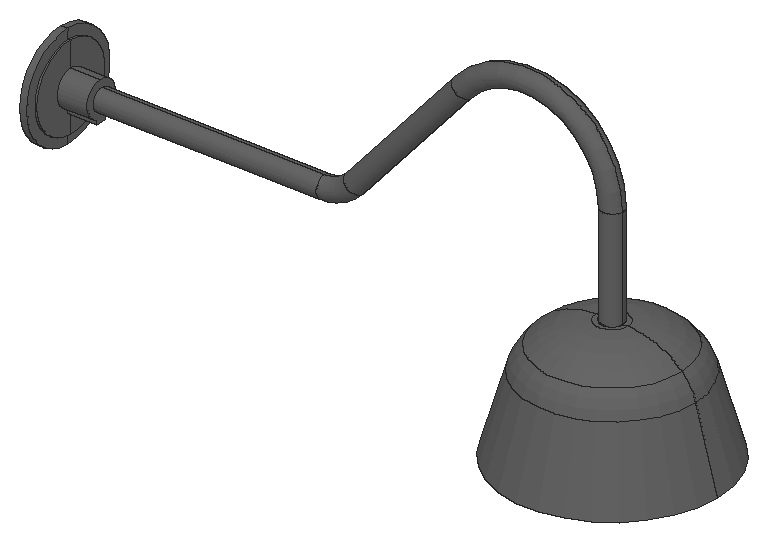
Revit family "Tapered Dome_LED", category Lighting Fixtures, Revit 2020
Family settings
  Round Connector Dimension = Use Diameter
  Part Type = Normal
  OmniClass Number = 23.80.70.00
  OmniClass Title = Lighting
  Work Plane-Based = No
  Always vertical = Yes
  Cut with Voids When Loaded = No
  Light Source = Yes
  Shared = No
  Room Calculation Point = No
Parameters (values of type "TD10")
  Weight = "1.3 lb"
  Wattage Comments = "10W"
  Wattage = 1 W
  Warranty = "5 year limited warranty"  # constant formula
  built-in parameter 1150110 = 1 (stored number, unit not read)
  Voltage = 277 V
  URL = "https://www.anplighting.com/assets/Uploads/product-attachments/specification-sheets/ANP-Specification-Sheet-RLM-LED-TD10.pdf"
  built-in parameter 1114217 = 1 (stored number, unit not read)
  Tilt Angle = 90.00°
  built-in parameter 1150109 = 1 (stored number, unit not read)
  built-in parameter 1150134 = 12
  TD24 = no
  TD20 = no
  TD16 = no
  TD14 = no
  TD12 = no
  TD10 = yes
  built-in parameter 1150113 = 1 (stored number, unit not read)
  Mounting Option [instance] = 2
  Power Factor = 1
  Post Mount [instance] = Mounting Option = 5  # no
  Placement X axis side [instance] = if(Post Mount, 2' 2 15/32", if(Cord or Stem Mount, 0' 0", if(E36 20 inch, 1' 8 1/4", if(E 6 26 inch, 2' 2", if(E7 41 inch, 3' 5 1/4", 0' 1")))))  # 2' - 2"
  Photometric Web File = "generic.ies"
  Model = "TD10"
  Manufacturer = "ANP Lighting"  # constant formula
  built-in parameter 1150105 = 99.472 (stored number, unit not read)
  Lumens = 1250 lm
  built-in parameter 1150115 = 1 (stored number, unit not read)
  Load Classification = Lighting
  Light Source Height [instance] = 0' - 2 55/128"  # constant formula
  built-in parameter 1150137 = (empty or 0)
  built-in parameter 1150139 = (empty or 0)
  Light Elevation_3 [instance] = 0' - 2 55/128"  # constant formula
  Light Elevation _2 [instance] = if(TD10, 0' 5 3/4", if(TD12, 0' 7", if(TD14, 0' 8", if(TD16, 0' 9 1/4", if(TD20, 0' 11 5/8", if(TD24, 1' 2", 0' 0"))))))  # 0' - 5 3/4"
  Light Elevation _1 [instance] = if(Post Mount, 0' 0", if(E7 41 inch, 0' 0", if(E36 20 inch, 0' 1", if(E 6 26 inch, 0' 0.87402", if(Cord or Stem Mount, (0' 3.66142" + Cord Length), 0' 0")))))  # 0' - 0.87402"
  Light Elevation [instance] = if(Post Mount, 14' 0.5315", if(E7 41 inch, 0' 0", 0' 0"))  # 0' - 0"
  Life = "L70 50,000 hours"  # constant formula
  built-in parameter 1150112 = 1 (stored number, unit not read)
  built-in parameter 1150114 = 1 (stored number, unit not read)
  Lamp = "LED"
  Inside body material = Inside Body
  built-in parameter 1150132 = 2
  built-in parameter 1150102 = (empty or 0)
  built-in parameter 1150107 = 4000 (stored number, unit not read)
  built-in parameter 1150138 = (empty or 0)
  built-in parameter 1150106 = 0.99472 (stored number, unit not read)
  Fixture Height = 0' - 5 3/4"
  Fixture Diameter = 0' - 10"
  Efficiency = "97-125 lumens per watt"  # constant formula
  built-in parameter 1150104 = 116.13 (stored number, unit not read)
  E7 41 inch [instance] = Mounting Option = 4  # no
  E36 20 inch [instance] = Mounting Option = 3  # no
  E 6 26 inch [instance] = Mounting Option = 2  # yes
  Dimming Lamp Color Temperature Shift = <None>
  Dimming = "1%"  # constant formula
  Description = "120-277 Voltage"  # constant formula
  Default Elevation = 0' - 0"
  Cord or Stem Mount [instance] = Mounting Option = 1  # no
  Cord Length option [instance] = 2
  Cord Length [instance] = if([2' Cord], 2' 0", if([4' Cord], 4' 0", if([8' Cord], 8' 0", if([10' Cord], 10' 0", if([6' Cord], 6' 0", 6' 0")))))  # 2' - 0"
  Construction Material = "Heavy Duty spun aluminum."  # constant formula
  Color Filter = 16777215
  CRI = ">90"  # constant formula
  Bulb = Light
  Body Material = body
  Body Colour = "Spun aluminium"  # constant formula
  built-in parameter 1114218 = 1 (stored number, unit not read)
  built-in parameter 1150133 = 10 (stored number, unit not read)
  Apparent Load = 10 VA
  8' Cord [instance] = Cord Length option = 8  # no
  6' Cord [instance] = Cord Length option = 6  # no
  4' Cord [instance] = Cord Length option = 4  # no
  2' Cord [instance] = Cord Length option = 2  # yes
  10' Cord [instance] = Cord Length option = 10  # no
Types (7): name | Weight | Wattage Comments | Wattage | URL | TD24 | TD20 | TD16 | TD14 | TD12 | TD10 | Model | built-in parameter 1150105 | Lumens | Light Elevation _2 | built-in parameter 1150106 | Fixture Height | Fixture Diameter | Cord Length option | Cord Length | Apparent Load | 2' Cord | 10' Cord
  (no name) | "1.3 lb" | "10W" | 1 W | "https://www.anplighting.com/assets/Uploads/product-attachments/specification-sheets/ANP-Specification-Sheet-RLM-LED-TD10.pdf" | no | no | no | no | no | yes | "TD10" | 99.472 (stored number, unit not read) | 1250 lm | 0' - 5 3/4" | 0.99472 (stored number, unit not read) | 0' - 5 3/4" | 0' - 10" | 2 | 2' - 0" | 10 VA | yes | no
  TD10 | "1.3 lb" | "10W" | 1 W | "https://www.anplighting.com/assets/Uploads/product-attachments/specification-sheets/ANP-Specification-Sheet-RLM-LED-TD10.pdf" | no | no | no | no | no | yes | "TD10" | 99.472 (stored number, unit not read) | 1250 lm | 0' - 5 3/4" | 0.99472 (stored number, unit not read) | 0' - 5 3/4" | 0' - 10" | 2 | 2' - 0" | 10 VA | yes | no
  TD12 | "1.9 lb" | "16W" | 1.6 W | "https://www.anplighting.com/assets/Uploads/product-attachments/specification-sheets/ANP-Specification-Sheet-RLM-LED-TD12.pdf" | no | no | no | no | yes | no | "TD12" | 159.15 (stored number, unit not read) | 2000 lm | 0' - 7" | 1.5915 (stored number, unit not read) | 0' - 7" | 1' - 0" | 10 | 10' - 0" | 16 VA | no | yes
  TD14 | "2.6 lb" | "16W" | 1.6 W | "https://www.anplighting.com/assets/Uploads/product-attachments/specification-sheets/ANP-Specification-Sheet-RLM-LED-TD14.pdf" | no | no | no | yes | no | no | "TD14" | 159.15 (stored number, unit not read) | 2000 lm | 0' - 8" | 1.5915 (stored number, unit not read) | 0' - 8" | 1' - 2" | 10 | 10' - 0" | 16 VA | no | yes
  TD16 | "3.4 lb" | "24W" | 2.4 W | "https://www.anplighting.com/assets/Uploads/product-attachments/specification-sheets/ANP-Specification-Sheet-RLM-LED-TD16.pdf" | no | no | yes | no | no | no | "TD16" | 238.73 (stored number, unit not read) | 3000 lm | 0' - 9 1/4" | 2.3873 (stored number, unit not read) | 0' - 9 1/4" | 1' - 4" | 10 | 10' - 0" | 24 VA | no | yes
  TD20 | "5.3 lb" | "24W" | 2.4 W | "https://www.anplighting.com/assets/Uploads/product-attachments/specification-sheets/ANP-Specification-Sheet-RLM-LED-TD20..pdf" | no | yes | no | no | no | no | "TD20" | 238.73 (stored number, unit not read) | 3000 lm | 0' - 11 5/8" | 2.3873 (stored number, unit not read) | 0' - 11 5/8" | 1' - 8" | 10 | 10' - 0" | 24 VA | no | yes
  TD24 | "7.7 lb" | "37W" | 2.4 W | "https://www.anplighting.com/assets/Uploads/product-attachments/specification-sheets/ANP-Specification-Sheet-RLM-LED-OSTD24.pdf" | yes | no | no | no | no | no | "TD24" | 238.73 (stored number, unit not read) | 3000 lm | 1' - 2" | 2.3873 (stored number, unit not read) | 1' - 2" | 2' - 0" | 10 | 10' - 0" | 37 VA | no | yes
Reference planes (in)
  plane 1 "Light Source Axis (F/B)": y = 0
  plane 2: z = 0
  plane 3 "Light Source Axis (L/R)": x = 0
  plane 4 "Light Source Elevation": z = 0
  plane 5: z = 0
  plane 6: x = 26
  plane 7 "Bulb Position": z = -4.19433
  plane 8 "Canopy Position": z = -0.87402
  plane 9 "IES": z = -6.62402
  plane 10: z = -6.62402
Dimensions and locks (in)
  "Light Elevation": plane 5 to plane 2
  "Placement X axis side": plane 6 to plane 3 "Light Source Axis (L/R)"
  "Light Elevation _1": plane 5 to plane 8 "Canopy Position"
  "Light Source Height": plane 7 "Bulb Position" to plane 9 "IES"
  locked: plane 4 "Light Source Elevation" to plane 2
  "Light Elevation _2": plane 8 "Canopy Position" to plane 10
  "Light Elevation_3": plane 7 "Bulb Position" to plane 10
  aligned and locked: level to plane 2
  aligned and locked: plane 1 "Light Source Axis (F/B)" to nested 5
  aligned and locked: nested 5 to plane 2
  aligned and locked: nested 1 to plane 3 "Light Source Axis (L/R)"
  aligned and locked: plane 3 "Light Source Axis (L/R)" to nested 2
  aligned and locked: plane 3 "Light Source Axis (L/R)" to nested 4
  aligned and locked: nested 3 to plane 5
  aligned and locked: plane 3 "Light Source Axis (L/R)" to nested 3
  aligned and locked: plane 3 "Light Source Axis (L/R)" to nested 5
  aligned and locked: plane 1 "Light Source Axis (F/B)" to nested 2
  aligned and locked: plane 1 "Light Source Axis (F/B)" to nested 1
  aligned and locked: plane 1 "Light Source Axis (F/B)" to nested 4
  aligned and locked: plane 1 "Light Source Axis (F/B)" to nested 3
  aligned and locked: plane 2 to nested 1
  aligned and locked: plane 2 to nested 2
  aligned and locked: nested 4 to plane 2
  aligned and locked: imposter light to plane 9 "IES"
  aligned and locked: plane 6 to imposter light
  aligned and locked: plane 1 "Light Source Axis (F/B)" to nested 6
  aligned and locked: plane 1 "Light Source Axis (F/B)" to nested 7
  aligned and locked: plane 1 "Light Source Axis (F/B)" to nested 8
  aligned and locked: plane 1 "Light Source Axis (F/B)" to nested 9
  aligned and locked: plane 1 "Light Source Axis (F/B)" to nested 11
  aligned and locked: plane 1 "Light Source Axis (F/B)" to nested 10
  aligned and locked: plane 6 to nested 6
  aligned and locked: plane 6 to nested 7
  aligned and locked: plane 6 to nested 8
  aligned and locked: plane 6 to nested 9
  aligned and locked: plane 6 to nested 11
  aligned and locked: plane 6 to nested 10
  aligned and locked: nested 10 to plane 8 "Canopy Position"
  aligned and locked: nested 11 to plane 8 "Canopy Position"
  aligned and locked: nested 9 to plane 8 "Canopy Position"
  aligned and locked: plane 8 "Canopy Position" to nested 8
  aligned and locked: plane 8 "Canopy Position" to nested 7
  aligned and locked: nested 6 to plane 8 "Canopy Position"
Nested families (in)
  nested 1: "CORD OR STEM MOUNT" at (0, 0, -27.67), visible <- "Cord or Stem Mount", Cord or Stem Mount <- "Cord or Stem Mount", Body Material <- "Body Material", Light Elevation <- "Light Elevation", Cord Length <- "Cord Length", 10' Cord <- "10' Cord", 2' Cord <- "2' Cord", 4' Cord <- "4' Cord", 6' Cord <- "6' Cord", 8' Cord <- "8' Cord", type "CORD OR STEM MOUNT"
    with Light Elevation 0' - 0", Cord or Stem Mount no, Cord Length 2' - 0", Body Material body, 8' Cord no, 6' Cord no, 4' Cord no, 2' Cord yes, 10' Cord no
  nested 2: "E6 26 INCH" at (26, 0, 0), visible <- "E 6 26 inch", Chain Length <- "Cord Length", E 6 26 inch <- "E 6 26 inch", Placement X axis side <- "Placement X axis side", Body Material <- "Body Material", Light Elevation <- "Light Elevation", type "E6 26 INCH"
    with Placement X axis side 2' - 2", Light Elevation 0' - 0", E 6 26 inch yes, Chain Length 2' - 0", Body Material body
  nested 3: "E7 41 INCH" at (26, 0, 0), Chain Length <- "Cord Length", visible <- "E7 41 inch", E7 41 inch <- "E7 41 inch", Placement X axis side <- "Placement X axis side", Body Material <- "Body Material", Light Elevation <- "Light Elevation", type "E7 41 INCH"
    with Placement X axis side 2' - 2", Light Elevation 0' - 0", E7 41 inch no, Chain Length 2' - 0", Body Material body
  nested 4: "E36 20 INCH" at (26, 0, 0), visible <- "E36 20 inch", E36 20 inch <- "E36 20 inch", Placement X axis side <- "Placement X axis side", Chain Length <- "Cord Length", Body Material <- "Body Material", Light Elevation <- "Light Elevation", type "E36 20 INCH"
    with Placement X axis side 2' - 2", Light Elevation 0' - 0", E36 20 inch no, Chain Length 2' - 0", Body Material body
  nested 5: "POST MOUNT" at (26, 0, 0), visible <- "Post Mount", Post Mount <- "Post Mount", Placement X axis side <- "Placement X axis side", Chain Length <- "Cord Length", Body Material <- "Body Material", Light Elevation <- "Light Elevation", type "POST MOUNT"
    with Post Mount no, Placement X axis side 2' - 2", Light Elevation 0' - 0", Chain Length 2' - 0", Body Material body
  nested 6: "TD 10" at (26, 0, -0.87402), TD10 <- "TD10", visible <- "TD10", Light Elevation <- "Light Elevation", type "TD 10"
    with TD10 yes, Light Elevation 0' - 0"
  nested 7: "TD12" at (26, 0, -0.87402), TD12 <- "TD12", visible <- "TD12", Body <- "Body Material", Light Elevation <- "Light Elevation", type "TD12"
    with TD12 no, Light Elevation 0' - 0", Body body
  nested 8: "TD14" at (26, 0, -0.87402), Body <- "Body Material", visible <- "TD14", TD14 <- "TD14", Light Elevation <- "Light Elevation", type "TD14"
    with TD14 no, Light Elevation 0' - 0", Body body
  nested 9: "TD16" at (26, 0, -0.87402), TD16 <- "TD16", visible <- "TD16", Body <- "Body Material", Light Elevation <- "Light Elevation", type "TD16"
    with TD16 no, Light Elevation 0' - 0", Body body
  nested 10: "TD 20" at (26, 0, -0.87402), TD20 <- "TD20", visible <- "TD20", Body <- "Body Material", Light Elevation <- "Light Elevation", type "TD 20"
    with TD20 no, Light Elevation 0' - 0", Body body
  nested 11: "TD 24" at (26, 0, -0.87402), TD24 <- "TD24", visible <- "TD24", Body <- "Body Material", Light Elevation <- "Light Elevation", type "TD 24"
    with TD24 no, Light Elevation 0' - 0", Body body
Definition of nested family "E6 26 INCH"
  Parameters (values of type "E6 26 INCH")
    URL = ""
    Placement X axis side [instance] = 2' - 2"
    Model = ""
    Manufacturer = ""
    Light Elevation [instance] = 8' - 4"
    E 6 26 inch [instance] = yes
    Default Elevation = 0' - 0"
    Chain Length [instance] = 0' - 0"
    Body Material [instance] = none
  Reference planes (in)
    plane 1 "Light Source Axis (F/B)": y = 0
    plane 2: z = 0
    plane 3 "Light Source Axis (L/R)": x = 0
    plane 4 "Light Source Elevation": z = 23.125
    plane 5: z = 100
    plane 6: x = -26
    plane 7: z = 99.125
    plane 8: x = -24.12
    plane 9: x = -25.5474
  Forms (in)
    Extrusion 1, void, not visible
      sketch origin (0, 0, 2.38154) x (1, 0, 0) y (0, 0, 1)
        loop
          circle (0, 4.59925) r 0.16583
      from 1.18594 to 1.75
    Extrusion 2, void, not visible
      sketch origin (0, 0, 2.38154) x (0.707107, -0.707107, 0) y (0, 0, 1)
        loop
          circle (0, 4.59925) r 0.16583
      from 1.18594 to 1.75
    Extrusion 3, void, not visible
      sketch origin (0, 0, 2.38154) x (0.707107, 0.707107, 0) y (0, 0, 1)
        loop
          circle (0, 4.59925) r 0.16583
      from 1.18594 to 1.75
    Extrusion 4, void, not visible
      sketch origin (0, 0, 2.38154) x (0, 1, 0) y (0, 0, 1)
        loop
          circle (0, 4.59925) r 0.16583
      from 1.18594 to 1.75
    Extrusion 5, void, not visible
      sketch origin (0, 0, 2.38154) x (-0.707107, 0.707107, 0) y (0, 0, 1)
        loop
          circle (0, 4.59925) r 0.16583
      from 1.18594 to 1.75
    Extrusion 6, void, not visible
      sketch origin (0, 0, 2.38154) x (-1, 0, 0) y (0, 0, 1)
        loop
          circle (0, 4.59925) r 0.20678
      from 1.18594 to 1.75
    Extrusion 7, void, not visible
      sketch origin (0, 0, 2.38154) x (-0.707107, -0.707107, 0) y (0, 0, 1)
        loop
          circle (0, 4.59925) r 0.16583
      from 1.18594 to 1.75
    Extrusion 8, void, not visible
      sketch origin (0, 0, 2.38154) x (0, -1, 0) y (0, 0, 1)
        loop
          circle (0, 4.59925) r 0.16583
      from 1.18594 to 1.75
    Sweep 9, solid, material <- "Body Material", visible <- "E 6 26 inch"
      path origin (-41.25, 0, 168.51693) x (1, 0, 0) y (0, 0, 1)
        loop
          line (17.13, -68.51693) -> (27.68551, -68.51693)
          arc (27.68551, -68.51693) -> (28.47996, -68.34486) -> (29.13202, -67.8595) r 1.92004
          line (29.13202, -67.8595) -> (34.23651, -62.01155)
          arc (34.23651, -62.01155) -> (38.65464, -60.89667) -> (41.25, -64.64193) r 4
          line (41.25, -64.64193) -> (41.25, -69.39193)
      profile origin (-18.84224, 0, 100) x (0, 0, 1) y (0, -1, 0)
        loop
          circle (0, 0) r 0.5
    Revolve 10, solid, material <- "Body Material", visible <- "E 6 26 inch"
      sketch origin (-26, 0, 168.51693) x (1, 0, 0) y (0, 0, 1)
        loop
          line (0, -66.07943) -> (0, -68.51693) -> (1.88, -68.51693) -> (1.88, -67.69272) -> (0.4526, -67.69272) -> (0.4526, -66.54122) -> (0.33125, -66.54122) -> (0.33125, -66.07943) -> (0, -66.07943)
        axis (0, -68.51693) -> (1.88, -68.51693)
      angle from 0 to 360
    Extrusion 11, solid, material <- "Body Material", visible <- "E 6 26 inch"
      sketch origin (-26, 0, 168.51693) x (0, -1, 0) y (0, 0, -1)
        loop
          line (0.25, 68.51693) -> (0.25, 69.51693) -> (-0.25, 69.51693) -> (-0.25, 68.51693) -> (0.25, 68.51693)
      from 0.4526 to 1.88
  Cuts and joins
    joined: Revolve 10, Extrusion 11
  Dimensions and locks (in)
    "Light Elevation": plane 5 to plane 2
    "Placement X axis side": plane 3 "Light Source Axis (L/R)" to plane 6
    locked: plane 5 to plane 7 at 0.875
    Revolve 10 sketch curve to Revolve 10 sketch curve to Revolve 10 sketch curve to plane 6 = 0' - 1.4274" locked, 0' - 0.12135" locked, 0' - 0.33125" locked
    Revolve 10 sketch curve to Revolve 10 sketch curve to Revolve 10 sketch curve to plane 5 = 0' - 0.46179" locked, 0' - 1.1515" locked, 0' - 0 211/256" locked
    locked: Sweep 9 sketch curve to plane 6 at 1.88
    locked: Sweep 9 sketch curve to Sweep 9 sketch curve at 10.55551
    locked: Sweep 9 sketch curve to Sweep 9 sketch curve at 13.56449
    locked: Sweep 9 sketch curve to Sweep 9 sketch curve at 4.75
    locked: plane 9 to plane 6 at 0.4526
    locked: plane 8 to plane 9 at 1.4274
    aligned and locked: level to plane 2
    aligned and locked: Revolve 10 sketch curve to plane 6
    aligned and locked: plane 5 to Revolve 10 sketch curve
    aligned and locked: Revolve 10 sketch curve to plane 5
    aligned and locked: cut or joined group of Revolve 10, Extrusion 11 to plane 9
    aligned and locked: plane 8 to cut or joined group of Revolve 10, Extrusion 11
  Automatic sketch dimensions
    Sweep 9 sketch curve to plane 5 = 0' - 0"
    Sweep 9 sketch curve to Sweep 9 sketch curve = 0' - 4"
    Sweep 9 sketch curve to Sweep 9 sketch curve = 0' - 3.01349"
    plane 5 to Sweep 9 sketch curve = 0' - 0.65743"
    Sweep 9 sketch curve to Sweep 9 sketch curve = 0' - 1.4465"
    Sweep 9 sketch curve to plane 5 = 0' - 0 7/8"
    profile plane to Sweep 9 sketch curve = 0' - 0"
    Sweep 9 sketch curve to profile plane = 0' - 0"
    plane 6 to Revolve 10 sketch curve = 0' - 0.62562"
    Revolve 10 sketch curve to Revolve 10 sketch curve = 0' - 0 1/2"
    Extrusion 11 sketch curve to plane 5 = 0' - 0"
    plane 1 "Light Source Axis (F/B)" to Extrusion 11 sketch curve = 0' - 0 1/4"
    Extrusion 11 sketch curve to plane 1 "Light Source Axis (F/B)" = 0' - 0 1/4"
    plane 5 to Extrusion 11 sketch curve = 0' - 1"
    radius of Sweep 9 sketch curve = 0' - 0 1/2"
Definition of nested family "TD 10"
  Parameters (values of type "TD 10")
    TD10 [instance] = yes
    Light Elevation [instance] = 3' - 0"
    Default Elevation = 0' - 0"
    Body = none
  Reference planes (in)
    plane 1 "Center (Front/Back)": y = 0
    plane 2: z = 0
    plane 3 "Center (Left/Right)": x = 0
    plane 4: z = 36
  Dimensions and locks (in)
    "Light Elevation": plane 4 to level
    aligned and locked: plane 2 to level
    aligned and locked: plane 4 to nested 1
  Nested families (in)
    nested 1: "TD10 Base" at (0, 0, 30.25), Body <- "Body", TD10 <- "TD10", visible <- "TD10", type "TD10 Base"
      with TD10 yes, Body none
  Definition of nested family "TD10 Base"
    Parameters (values of type "TD10 Base")
      TD10 [instance] = yes
      Default Elevation = 0' - 0"
      Body [instance] = none
    Reference planes (in)
      plane 1 "Center (Front/Back)": y = 0
      plane 2: z = 0
      plane 3 "Center (Left/Right)": x = 0
    Forms (in)
      Revolve 1, solid, material <- "Body", visible <- "TD10"
        sketch origin (0, 0, 0) x (1, 0, 0) y (0, 0, 1)
          loop
            line (0.54735, 5.75) -> (0.54735, 5.55) -> (0.75, 5.55)
            arc (0.75, 5.55) -> (2.05008, 5.29729) -> (3.16082, 4.57596) r 3.47052
            arc (3.16082, 4.57596) -> (3.51617, 4.12066) -> (3.73171, 3.58483) r 2.06747
            line (3.73171, 3.58483) -> (4.73232, 0.2) -> (0, 0.2) -> (0, 0) -> (5, 0) -> (3.92476, 3.6373)
            arc (3.92476, 3.6373) -> (3.68833, 4.22249) -> (3.29976, 4.71983) r 2.26747
            arc (3.29976, 4.71983) -> (2.125, 5.48273) -> (0.75, 5.75) r 3.67052
            line (0.75, 5.75) -> (0.54735, 5.75)
          axis (0, 5.75) -> (0, 0)
        angle from 0 to 360
    Dimensions and locks (in)
      aligned and locked: plane 2 to level
Definition of nested family "CORD OR STEM MOUNT"
  Parameters (values of type "CORD OR STEM MOUNT")
    URL = ""
    Model = ""
    Manufacturer = ""
    Light Elevation [instance] = 1' - 7.69"
    Default Elevation = 0' - 0"
    Cord or Stem Mount [instance] = yes
    Cord Length [instance] = 6' - 0"
    Body Material [instance] = none
    8' Cord [instance] = no
    6' Cord [instance] = no
    4' Cord [instance] = no
    2' Cord [instance] = no
    10' Cord [instance] = no
  Reference planes (in)
    plane 1 "Light Source Axis (F/B)": y = 0
    plane 2: z = 0
    plane 3 "Light Source Axis (L/R)": x = 0
    plane 4 "Light Source Elevation": z = 23.125
    plane 5: z = 91.69
    plane 6: z = 19.69
  Forms (in)
    Extrusion 1, void, not visible
      sketch origin (0, 0, 2.38154) x (1, 0, 0) y (0, 0, 1)
        loop
          circle (0, 4.59925) r 0.16583
      from 1.18594 to 1.75
    Extrusion 2, void, not visible
      sketch origin (0, 0, 2.38154) x (0.707107, -0.707107, 0) y (0, 0, 1)
        loop
          circle (0, 4.59925) r 0.16583
      from 1.18594 to 1.75
    Extrusion 3, void, not visible
      sketch origin (0, 0, 2.38154) x (0.707107, 0.707107, 0) y (0, 0, 1)
        loop
          circle (0, 4.59925) r 0.16583
      from 1.18594 to 1.75
    Extrusion 4, void, not visible
      sketch origin (0, 0, 2.38154) x (0, 1, 0) y (0, 0, 1)
        loop
          circle (0, 4.59925) r 0.16583
      from 1.18594 to 1.75
    Extrusion 5, void, not visible
      sketch origin (0, 0, 2.38154) x (-0.707107, 0.707107, 0) y (0, 0, 1)
        loop
          circle (0, 4.59925) r 0.16583
      from 1.18594 to 1.75
    Extrusion 6, void, not visible
      sketch origin (0, 0, 2.38154) x (-1, 0, 0) y (0, 0, 1)
        loop
          circle (0, 4.59925) r 0.20678
      from 1.18594 to 1.75
    Extrusion 7, void, not visible
      sketch origin (0, 0, 2.38154) x (-0.707107, -0.707107, 0) y (0, 0, 1)
        loop
          circle (0, 4.59925) r 0.16583
      from 1.18594 to 1.75
    Extrusion 8, void, not visible
      sketch origin (0, 0, 2.38154) x (0, -1, 0) y (0, 0, 1)
        loop
          circle (0, 4.59925) r 0.16583
      from 1.18594 to 1.75
    Revolve 9, solid, material <- "Body Material", visible <- "Cord or Stem Mount"
      sketch origin (0, 0, 174.56698) x (1, 0, 0) y (0, 0, 1)
        loop
          line (2.6875, -79.20698) -> (0, -79.20698) -> (0, -82.87698) -> (0.125, -82.87698) -> (0.125, -82.83698) -> (0.75, -82.83698)
          arc (0.75, -82.83698) -> (0.81694, -82.77004) -> (0.75, -82.7031) r 0.06694
          line (0.75, -82.7031) -> (0.89763, -82.7031) -> (1.00223, -82.5985) -> (1.06587, -82.5985)
          arc (1.06587, -82.5985) -> (1.80099, -82.29401) -> (2.10549, -81.55888) r 1.03962
          line (2.10549, -81.55888) -> (2.10549, -81.03899)
          arc (2.10549, -81.03899) -> (2.12951, -80.981) -> (2.1875, -80.95698) r 0.08201
          line (2.1875, -80.95698) -> (2.1875, -80.70698) -> (2.6875, -80.70698) -> (2.6875, -79.20698)
        axis (0, -79.20698) -> (0, -82.87698)
      angle from 0 to 360
    Revolve 10, solid, material <- "Body Material", visible <- "Cord or Stem Mount"
      sketch origin (0, 0, 0) x (1, 0, 0) y (0, 0, 1)
        loop
          line (0, 91.69) -> (-0.125, 91.69) -> (-0.125, 19.69) -> (0, 19.69) -> (0, 91.69)
        axis (0, 19.69) -> (0, 91.69)
      angle from 0 to 360
  Dimensions and locks (in)
    "Light Elevation": plane 6 to plane 2
    "Cord Length": plane 5 to plane 6
    locked: Revolve 10 sketch curve to Revolve 10 sketch curve at 0.125
    aligned and locked: level to plane 2
    aligned and locked: Revolve 10 sketch curve to plane 3 "Light Source Axis (L/R)"
    aligned and locked: Revolve 10 sketch curve to plane 6
    aligned and locked: Revolve 10 sketch curve to plane 5
    aligned and locked: plane 3 "Light Source Axis (L/R)" to Revolve 10 sketch curve
  Automatic sketch dimensions
    Revolve 9 sketch curve to plane 3 "Light Source Axis (L/R)" = 0' - 0"  (x2)
    Revolve 9 sketch curve to plane 5 = 0' - 0"
    plane 3 "Light Source Axis (L/R)" to Revolve 9 sketch curve = 0' - 0 1/8"
    Revolve 9 sketch curve to plane 5 = 0' - 0.17388"
    Revolve 9 sketch curve to Revolve 9 sketch curve = 0' - 0 5/8"
    Revolve 9 sketch curve to Revolve 9 sketch curve = 0' - 0.14763"
    Revolve 9 sketch curve to plane 5 = 0' - 0.27847"
    Revolve 9 sketch curve to Revolve 9 sketch curve = 0' - 0.1046"
    Revolve 9 sketch curve to Revolve 9 sketch curve = 0' - 0.06364"
    Revolve 9 sketch curve to Revolve 9 sketch curve = 0' - 1.03962"
    Revolve 9 sketch curve to Revolve 9 sketch curve = 0' - 0 21/256"
    Revolve 9 sketch curve to Revolve 9 sketch curve = 0' - 0 1/2"  (x2)
    Revolve 9 sketch curve to Revolve 9 sketch curve = 0' - 0.51989"
    Revolve 9 sketch curve to Revolve 9 sketch curve = 0' - 0 1/4"
    Revolve 9 sketch curve to Revolve 9 sketch curve = 0' - 2.3519"
    Revolve 9 sketch curve to Revolve 9 sketch curve = 0' - 1 1/4"
    Revolve 9 sketch curve to Revolve 9 sketch curve = 0' - 0.04"
    Revolve 10 sketch curve to Revolve 10 sketch curve = 0' - 0 1/2"
    Revolve 10 sketch curve to Revolve 10 sketch curve = 0' - 0.42345"
Definition of nested family "E7 41 INCH"
  Parameters (values of type "E7 41 INCH")
    URL = ""
    Placement X axis side [instance] = 4' - 2"
    Model = ""
    Manufacturer = ""
    Light Elevation [instance] = 8' - 4"
    E7 41 inch [instance] = yes
    Default Elevation = 0' - 0"
    Chain Length [instance] = 0' - 0"
    Body Material [instance] = none
  Reference planes (in)
    plane 1 "Light Source Axis (F/B)": y = 0
    plane 2: z = 0
    plane 3 "Light Source Axis (L/R)": x = 0
    plane 4 "Light Source Elevation": z = 23.125
    plane 5: z = 100
    plane 6: x = -50
  Forms (in)
    Extrusion 1, void, not visible
      sketch origin (0, 0, 2.38154) x (1, 0, 0) y (0, 0, 1)
        loop
          circle (0, 4.59925) r 0.16583
      from 1.18594 to 1.75
    Extrusion 2, void, not visible
      sketch origin (0, 0, 2.38154) x (0.707107, -0.707107, 0) y (0, 0, 1)
        loop
          circle (0, 4.59925) r 0.16583
      from 1.18594 to 1.75
    Extrusion 3, void, not visible
      sketch origin (0, 0, 2.38154) x (0.707107, 0.707107, 0) y (0, 0, 1)
        loop
          circle (0, 4.59925) r 0.16583
      from 1.18594 to 1.75
    Extrusion 4, void, not visible
      sketch origin (0, 0, 2.38154) x (0, 1, 0) y (0, 0, 1)
        loop
          circle (0, 4.59925) r 0.16583
      from 1.18594 to 1.75
    Extrusion 5, void, not visible
      sketch origin (0, 0, 2.38154) x (-0.707107, 0.707107, 0) y (0, 0, 1)
        loop
          circle (0, 4.59925) r 0.16583
      from 1.18594 to 1.75
    Extrusion 6, void, not visible
      sketch origin (0, 0, 2.38154) x (-1, 0, 0) y (0, 0, 1)
        loop
          circle (0, 4.59925) r 0.20678
      from 1.18594 to 1.75
    Extrusion 7, void, not visible
      sketch origin (0, 0, 2.38154) x (-0.707107, -0.707107, 0) y (0, 0, 1)
        loop
          circle (0, 4.59925) r 0.16583
      from 1.18594 to 1.75
    Extrusion 8, void, not visible
      sketch origin (0, 0, 2.38154) x (0, -1, 0) y (0, 0, 1)
        loop
          circle (0, 4.59925) r 0.16583
      from 1.18594 to 1.75
    Revolve 9, solid, material <- "Body Material", visible <- "E7 41 inch"
      sketch origin (-41.25, 0, 168.39193) x (1, 0, 0) y (0, 0, 1)
        loop
          line (-8.75, -66.20443) -> (-8.75, -68.51693) -> (-6.87, -68.51693) -> (-6.87, -67.69272) -> (-8.2974, -67.69272) -> (-8.2974, -66.54122) -> (-8.41875, -66.54122) -> (-8.41875, -66.20443) -> (-8.75, -66.20443)
        axis (-8.75, -68.51693) -> (-6.87, -68.51693)
      angle from 0 to 360
    Extrusion 10, solid, material <- "Body Material", visible <- "E7 41 inch"
      sketch origin (-41.25, 0, 168.39193) x (0, -1, 0) y (0, 0, -1)
        loop
          line (0.25, 68.51693) -> (0.25, 69.51693) -> (-0.25, 69.51693) -> (-0.25, 68.51693) -> (0.25, 68.51693)
      from -8.2974 to -6.87
    Sweep 11, solid, material <- "Body Material", visible <- "E7 41 inch"
      path origin (-41.25, 0, 168.39193) x (1, 0, 0) y (0, 0, 1)
        loop
          line (-6.87, -68.51693) -> (16.04011, -68.51693)
          arc (16.04011, -68.51693) -> (17.864, -68.13651) -> (19.38375, -67.0587) r 4.5625
          line (19.38375, -67.0587) -> (24.70217, -61.33018)
          arc (24.70217, -61.33018) -> (29.64465, -60.20324) -> (32.5, -64.39193) r 4.5
          line (32.5, -64.39193) -> (32.5, -68.39193)
      profile origin (-36.66494, 0, 99.875) x (0, 0, 1) y (0, -1, 0)
        loop
          circle (0, 0) r 0.5
  Dimensions and locks (in)
    "Placement X axis side": plane 3 "Light Source Axis (L/R)" to plane 6
    "Light Elevation": plane 5 to plane 2
    locked: Revolve 9 sketch curve to Revolve 9 sketch curve at 0.33125
    locked: Revolve 9 sketch curve to Revolve 9 sketch curve at 0.4526
    locked: Revolve 9 sketch curve to Revolve 9 sketch curve at 1.88
    locked: Revolve 9 sketch curve to Revolve 9 sketch curve at 0.82421
    locked: Revolve 9 sketch curve to Revolve 9 sketch curve at 1.1515
    locked: Revolve 9 sketch curve to Revolve 9 sketch curve at 0.33679
    locked: plane 5 to Revolve 9 sketch curve at 0.125
    locked: Extrusion 10 sketch curve to Extrusion 10 sketch curve at 0.5
    locked: Extrusion 10 sketch curve to Extrusion 10 sketch curve at 1
    locked: plane 5 to Extrusion 10 sketch curve at 0.125
    locked: plane 5 to Sweep 11 sketch curve at 0.125
    locked: Sweep 11 sketch curve to Sweep 11 sketch curve at 39.37
    locked: Sweep 11 sketch curve to Sweep 11 sketch curve at 4
    locked: plane 6 to Extrusion 10 at 0.4526
    locked: Sweep 11 sketch curve to plane 6 at 1.88
    locked: Extrusion 10 to Extrusion 10 at 1.4274
    aligned and locked: plane 2 to level
    aligned and locked: Revolve 9 sketch curve to plane 6
  Automatic sketch dimensions
    Revolve 9 sketch curve to plane 5 = 0' - 0 1/8"
    plane 6 to Revolve 9 sketch curve = 0' - 0.62562"
    Revolve 9 sketch curve to Revolve 9 sketch curve = 0' - 0 1/2"
    plane 1 "Light Source Axis (F/B)" to Extrusion 10 sketch curve = 0' - 0 1/4"
    Sweep 11 sketch curve to plane 5 = 0' - 0"
    Sweep 11 sketch curve to Sweep 11 sketch curve = 0' - 4 1/2"
    Sweep 11 sketch curve to Sweep 11 sketch curve = 0' - 3.29783"
    plane 5 to Sweep 11 sketch curve = 0' - 1.33323"
    Sweep 11 sketch curve to Sweep 11 sketch curve = 0' - 5.31842"
    Sweep 11 sketch curve to Sweep 11 sketch curve = 0' - 3.34364"
    profile plane to Sweep 11 sketch curve = 0' - 0"
    Sweep 11 sketch curve to profile plane = 0' - 0"
    radius of Sweep 11 sketch curve = 0' - 0 1/2"
Definition of nested family "E36 20 INCH"
  Parameters (values of type "E36 20 INCH")
    URL = ""
    Placement X axis side [instance] = 1' - 8 1/4"
    Model = ""
    Manufacturer = ""
    Light Elevation [instance] = 8' - 4"
    E36 20 inch [instance] = yes
    Default Elevation = 0' - 0"
    Chain Length [instance] = 0' - 0"
    Body Material [instance] = none
  Reference planes (in)
    plane 1 "Light Source Axis (F/B)": y = 0
    plane 2: z = 0
    plane 3 "Light Source Axis (L/R)": x = 0
    plane 4 "Light Source Elevation": z = 23.125
    plane 5: z = 99
    plane 6: x = -20.25
    plane 7: z = 100
    plane 8: x = -18.37008
    plane 9: x = -19.79724
  Forms (in)
    Extrusion 1, void, not visible
      sketch origin (0, 0, 2.38154) x (1, 0, 0) y (0, 0, 1)
        loop
          circle (0, 4.59925) r 0.16583
      from 1.18594 to 1.75
    Extrusion 2, void, not visible
      sketch origin (0, 0, 2.38154) x (0.707107, -0.707107, 0) y (0, 0, 1)
        loop
          circle (0, 4.59925) r 0.16583
      from 1.18594 to 1.75
    Extrusion 3, void, not visible
      sketch origin (0, 0, 2.38154) x (0.707107, 0.707107, 0) y (0, 0, 1)
        loop
          circle (0, 4.59925) r 0.16583
      from 1.18594 to 1.75
    Extrusion 4, void, not visible
      sketch origin (0, 0, 2.38154) x (0, 1, 0) y (0, 0, 1)
        loop
          circle (0, 4.59925) r 0.16583
      from 1.18594 to 1.75
    Extrusion 5, void, not visible
      sketch origin (0, 0, 2.38154) x (-0.707107, 0.707107, 0) y (0, 0, 1)
        loop
          circle (0, 4.59925) r 0.16583
      from 1.18594 to 1.75
    Extrusion 6, void, not visible
      sketch origin (0, 0, 2.38154) x (-1, 0, 0) y (0, 0, 1)
        loop
          circle (0, 4.59925) r 0.20678
      from 1.18594 to 1.75
    Extrusion 7, void, not visible
      sketch origin (0, 0, 2.38154) x (-0.707107, -0.707107, 0) y (0, 0, 1)
        loop
          circle (0, 4.59925) r 0.16583
      from 1.18594 to 1.75
    Extrusion 8, void, not visible
      sketch origin (0, 0, 2.38154) x (0, -1, 0) y (0, 0, 1)
        loop
          circle (0, 4.59925) r 0.16583
      from 1.18594 to 1.75
    Sweep 9, solid, material <- "Body Material", visible <- "E36 20 inch"
      path origin (-41.25, 0, 169.51693) x (1, 0, 0) y (0, 0, 1)
        loop
          line (22.88, -69.51693) -> (28.93827, -69.51693)
          arc (28.93827, -69.51693) -> (29.97705, -69.28152) -> (30.81284, -68.62128) r 2.40953
          line (30.81284, -68.62128) -> (34.13807, -64.50378)
          arc (34.13807, -64.50378) -> (38.58272, -63.24548) -> (41.25, -67.01693) r 4
          line (41.25, -67.01693) -> (41.25, -70.51693)
      profile origin (-15.34086, 0, 100) x (0, 0, 1) y (0, -1, 0)
        loop
          circle (0, 0) r 0.5
    Revolve 10, solid, material <- "Body Material", visible <- "E36 20 inch"
      sketch origin (-20.25, 0, 169.51693) x (1, 0, 0) y (0, 0, 1)
        loop
          line (0, -67.20443) -> (0, -69.51693) -> (1.88, -69.51693) -> (1.88, -68.69272) -> (0.4526, -68.69272) -> (0.4526, -67.54122) -> (0.33125, -67.54122) -> (0.33125, -67.20443) -> (0, -67.20443)
        axis (0, -69.51693) -> (1.88, -69.51693)
      angle from 0 to 360
    Extrusion 11, solid, material <- "Body Material", visible <- "E36 20 inch"
      sketch origin (-20.25, 0, 169.51693) x (0, -1, 0) y (0, 0, -1)
        loop
          line (0.25, 69.51693) -> (0.25, 70.51693) -> (-0.25, 70.51693) -> (-0.25, 69.51693) -> (0.25, 69.51693)
      from 1.87992 to 0.45276
  Cuts and joins
    joined: Revolve 10, Extrusion 11
  Dimensions and locks (in)
    "Light Elevation": plane 7 to plane 2
    "Placement X axis side": plane 3 "Light Source Axis (L/R)" to plane 6
    locked: plane 7 to plane 5 at 1
    Revolve 10 sketch curve to Revolve 10 sketch curve to Revolve 10 sketch curve to plane 7 = 0' - 0.33679" locked, 0' - 1.1515" locked, 0' - 0 211/256" locked
    locked: Sweep 9 sketch curve to plane 6 at 1.88
    locked: Sweep 9 sketch curve to Sweep 9 sketch curve at 6.05827
    locked: Sweep 9 sketch curve to Sweep 9 sketch curve at 12.31173
    locked: Sweep 9 sketch curve to Sweep 9 sketch curve at 3.5
    Revolve 10 sketch curve to Revolve 10 sketch curve to Revolve 10 sketch curve to plane 6 = 0' - 1.4274" locked, 0' - 0.12135" locked, 0' - 0.33125" locked
    locked: plane 9 to plane 6 at 0.45276
    locked: plane 8 to plane 9 at 1.42717
    aligned and locked: level to plane 2
    aligned and locked: plane 7 to Revolve 10 sketch curve
    aligned and locked: Revolve 10 sketch curve to plane 7
    aligned and locked: Revolve 10 sketch curve to plane 6
    aligned and locked: cut or joined group of Revolve 10, Extrusion 11 to plane 9
    aligned and locked: plane 8 to cut or joined group of Revolve 10, Extrusion 11
  Automatic sketch dimensions
    Sweep 9 sketch curve to plane 7 = 0' - 0"
    Sweep 9 sketch curve to plane 5 = 0' - 0"
    Sweep 9 sketch curve to Sweep 9 sketch curve = 0' - 4"
    Sweep 9 sketch curve to plane 7 = 0' - 0.89565"
    Sweep 9 sketch curve to Sweep 9 sketch curve = 0' - 3.32523"
    Sweep 9 sketch curve to Sweep 9 sketch curve = 0' - 1.87457"
    profile plane to Sweep 9 sketch curve = 0' - 0"
    Sweep 9 sketch curve to profile plane = 0' - 0"
    plane 6 to Revolve 10 sketch curve = 0' - 0.62562"
    Revolve 10 sketch curve to Revolve 10 sketch curve = 0' - 0 1/2"
    plane 7 to Extrusion 11 sketch curve = 0' - 0"
    Extrusion 11 sketch curve to plane 5 = 0' - 0"
    plane 1 "Light Source Axis (F/B)" to Extrusion 11 sketch curve = 0' - 0 1/4"
    Extrusion 11 sketch curve to plane 1 "Light Source Axis (F/B)" = 0' - 0 1/4"
    radius of Sweep 9 sketch curve = 0' - 0 1/2"
Definition of nested family "POST MOUNT"
  Parameters (values of type "POST MOUNT")
    URL = ""
    Post Mount [instance] = yes
    Placement X axis side [instance] = 2' - 2 1/2"
    Model = ""
    Manufacturer = ""
    Light Elevation [instance] = 14' - 0.5168"
    Default Elevation = 0' - 0"
    Chain Length [instance] = 0' - 0"
    Body Material [instance] = none
  Reference planes (in)
    plane 1 "Light Source Axis (F/B)": y = 0
    plane 2: z = 0
    plane 3 "Light Source Axis (L/R)": x = 0
    plane 4 "Light Source Elevation": z = 23.125
    plane 5: x = -26.5
    plane 6: z = 168.5168
  Forms (in)
    Extrusion 1, void, not visible
      sketch origin (0, 0, 2.38154) x (1, 0, 0) y (0, 0, 1)
        loop
          circle (0, 4.59925) r 0.16583
      from 1.18594 to 1.75
    Extrusion 2, void, not visible
      sketch origin (0, 0, 2.38154) x (0.707107, -0.707107, 0) y (0, 0, 1)
        loop
          circle (0, 4.59925) r 0.16583
      from 1.18594 to 1.75
    Extrusion 3, void, not visible
      sketch origin (0, 0, 2.38154) x (0.707107, 0.707107, 0) y (0, 0, 1)
        loop
          circle (0, 4.59925) r 0.16583
      from 1.18594 to 1.75
    Extrusion 4, void, not visible
      sketch origin (0, 0, 2.38154) x (0, 1, 0) y (0, 0, 1)
        loop
          circle (0, 4.59925) r 0.16583
      from 1.18594 to 1.75
    Extrusion 5, void, not visible
      sketch origin (0, 0, 2.38154) x (-0.707107, 0.707107, 0) y (0, 0, 1)
        loop
          circle (0, 4.59925) r 0.16583
      from 1.18594 to 1.75
    Extrusion 6, void, not visible
      sketch origin (0, 0, 2.38154) x (-1, 0, 0) y (0, 0, 1)
        loop
          circle (0, 4.59925) r 0.20678
      from 1.18594 to 1.75
    Extrusion 7, void, not visible
      sketch origin (0, 0, 2.38154) x (-0.707107, -0.707107, 0) y (0, 0, 1)
        loop
          circle (0, 4.59925) r 0.16583
      from 1.18594 to 1.75
    Extrusion 8, void, not visible
      sketch origin (0, 0, 2.38154) x (0, -1, 0) y (0, 0, 1)
        loop
          circle (0, 4.59925) r 0.16583
      from 1.18594 to 1.75
    Revolve 9, solid, material <- "Body Material", visible <- "Post Mount"
      sketch origin (-7.90508, 0, 0) x (1, 0, 0) y (0, 0, 1)
        loop
          line (-18.59492, 3.92912) -> (-16.29831, 3.92912) -> (-16.29831, 4.2668) -> (-16.91413, 4.2668) -> (-16.91413, 134.5168) -> (-17.16413, 134.5168) -> (-17.16413, 137.3918) -> (-17.05979, 137.3918)
          arc (-17.05979, 137.3918) -> (-16.93479, 137.5168) -> (-17.05979, 137.6418) r 0.125
          line (-17.05979, 137.6418) -> (-17.48032, 137.6418) -> (-17.48032, 139.0793) -> (-17.73032, 139.0793) -> (-17.73032, 139.5793) -> (-18.59492, 139.5793) -> (-18.59492, 3.92912)
        axis (-18.59492, 139.5793) -> (-18.59492, 3.92912)
      angle from 0 to 360
    Extrusion 10, solid, material <- "Body Material", visible <- "Post Mount"
      sketch origin (0, 0, 0) x (1, 0, 0) y (0, 1, 0)
        loop
          line (-20.5, 5.93079) -> (-32.5, 5.93079) -> (-32.5, -6.06921) -> (-20.5, -6.06921) -> (-20.5, 5.93079)
      from 0 to 3.92912
    Sweep 11, solid, material <- "Body Material", visible <- "Post Mount"
      path origin (0, 0, 48.5) x (1, 0, 0) y (0, 0, 1)
        loop
          line (0, 120.0168) -> (0, 128.0168)
          arc (0, 128.0168) -> (-13.25, 141.2668) -> (-26.5, 128.0168) r 13.25
          line (-26.5, 128.0168) -> (-26.5, 91.0793)
      profile origin (0, 0, 172.5168) x (-1, 0, 0) y (0, -1, 0)
        loop
          circle (0, 0) r 0.5
    Revolve 12, solid, material <- "Body Material", visible <- "Post Mount"
      sketch origin (0, 0, 0) x (1, 0, 0) y (0, 0, 1)
        loop
          line (0, 168.5168) -> (0.75, 168.5168) -> (0.75, 170.7668) -> (0, 170.7668) -> (0, 168.5168)
        axis (0, 170.7668) -> (0, 168.5168)
      angle from 0 to 360
  Cuts and joins
    joined: Revolve 9, Extrusion 10, Sweep 11, Revolve 12
  Dimensions and locks (in)
    "Placement X axis side": plane 3 "Light Source Axis (L/R)" to plane 5
    "Light Elevation": plane 6 to plane 2
    locked: Revolve 12 sketch curve to plane 5 at 26.5  (x2)
    locked: Revolve 9 sketch curve to plane 2 at 3.92912
    locked: Revolve 9 sketch curve to plane 5 at 2.29661
    locked: Revolve 9 sketch curve to plane 5 at 1.68079
    locked: Revolve 9 sketch curve to plane 5 at 1.43079
    locked: Revolve 9 sketch curve to plane 5 at 1.11461
    locked: Revolve 9 sketch curve to plane 5 at 0.86461
    locked: Revolve 9 sketch curve to Revolve 9 sketch curve at 130.58768
    locked: Revolve 9 sketch curve to Revolve 9 sketch curve at 2.875
    locked: Revolve 9 sketch curve to Revolve 9 sketch curve at 0.25
    locked: Revolve 9 sketch curve to Revolve 9 sketch curve at 1.4375
    locked: Revolve 9 sketch curve to Revolve 9 sketch curve at 0.5
    locked: Sweep 11 sketch curve to Sweep 11 sketch curve at 26.5
    locked: Revolve 12 sketch curve to Revolve 12 sketch curve at 0.75
    locked: cut or joined group of Revolve 9, Extrusion 10, Sweep 11, Revolve 12 to plane 2 at 139.5793
    aligned and locked: level to plane 2
    aligned and locked: plane 5 to Sweep 11 sketch curve
    aligned and locked: Revolve 9 sketch curve to plane 5
  Automatic sketch dimensions
    Revolve 9 sketch curve to plane 5 = 0' - 0"
    Revolve 9 sketch curve to Revolve 9 sketch curve = 0' - 0.10434"
    Revolve 9 sketch curve to Revolve 9 sketch curve = 0' - 0.33768"
    Revolve 9 sketch curve to Revolve 9 sketch curve = 0' - 0 1/4"
    Revolve 9 sketch curve to Revolve 9 sketch curve = 0' - 0 7/16"
    Extrusion 10 sketch curve to plane 5 = 0' - 6"
    plane 5 to Extrusion 10 sketch curve = 0' - 6"
    plane 1 "Light Source Axis (F/B)" to Extrusion 10 sketch curve = 0' - 6.06921"
    Extrusion 10 sketch curve to plane 1 "Light Source Axis (F/B)" = 0' - 5.93079"
    Sweep 11 sketch curve to profile plane = 0' - 0"
    profile plane to Sweep 11 sketch curve = 0' - 0"
    Sweep 11 sketch curve to plane 6 = 0' - 0"
    Sweep 11 sketch curve to plane 6 = 0' - 8"
    plane 6 to Sweep 11 sketch curve = 2' - 4 15/16"
    Revolve 12 sketch curve to plane 6 = 0' - 0"
    Revolve 12 sketch curve to plane 6 = 0' - 2 1/4"
    Revolve 12 sketch curve to Revolve 12 sketch curve = 0' - 0 1/2"
    Revolve 12 sketch curve to Revolve 12 sketch curve = 0' - 0"
    radius of Sweep 11 sketch curve = 0' - 0 1/2"
Definition of nested family "TD12"
  Parameters (values of type "TD12")
    TD12 [instance] = yes
    Light Elevation [instance] = 4' - 0"
    Default Elevation = 0' - 0"
    Body [instance] = none
  Reference planes (in)
    plane 1 "Center (Front/Back)": y = 0
    plane 2: z = 0
    plane 3 "Center (Left/Right)": x = 0
    plane 4: z = 48
  Dimensions and locks (in)
    "Light Elevation": plane 4 to level
    aligned and locked: plane 2 to level
    aligned and locked: nested 1 to plane 4
  Nested families (in)
    nested 1: "TD12 Base" at (0, 0, 40.97713), Body <- "Body", TD12 <- "TD12", visible <- "TD12", type "TD12 Base"
      with TD12 yes, Body none
  Definition of nested family "TD12 Base"
    Parameters (values of type "TD12 Base")
      TD12 [instance] = yes
      Default Elevation = 0' - 0"
      Body [instance] = none
    Reference planes (in)
      plane 1 "Center (Front/Back)": y = 0
      plane 2: z = 0
      plane 3 "Center (Left/Right)": x = 0
      plane 4: z = 7.02287
    Forms (in)
      Revolve 1, solid, material <- "Body", visible <- "TD12"
        sketch origin (0, 0, 0) x (1, 0, 0) y (0, 0, 1)
          loop
            line (0, 0.00024) -> (6, 0.00024) -> (4.50145, 4.86016)
            arc (4.50145, 4.86016) -> (4.41585, 5.06746) -> (4.3027, 5.2611) r 1.63554
            arc (4.3027, 5.2611) -> (3.71313, 5.92006) -> (2.99835, 6.44053) r 4.18751
            arc (2.99835, 6.44053) -> (1.95001, 6.87476) -> (0.82501, 7.02287) r 4.34667
            line (0.82501, 7.02287) -> (0, 7.02287) -> (0, 6.82287) -> (0.82501, 6.82287)
            arc (0.82501, 6.82287) -> (1.89825, 6.68158) -> (2.89835, 6.26732) r 4.14667
            arc (2.89835, 6.26732) -> (3.57867, 5.77198) -> (4.13987, 5.14487) r 3.98687
            arc (4.13987, 5.14487) -> (4.23715, 4.97765) -> (4.31106, 4.79887) r 1.43554
            line (4.31106, 4.79887) -> (5.72904, 0.20024) -> (0, 0.20024) -> (0, 0.00024)
          axis (0, 0.00024) -> (0, 7.02287)
        angle from 0 to 360
    Dimensions and locks (in)
      plane 4 to plane 2 = 0' - 7.02287"
      aligned and locked: plane 2 to level
      aligned and locked: Revolve 1 sketch curve to plane 4
Definition of nested family "TD14"
  Parameters (values of type "TD14")
    TD14 [instance] = yes
    Light Elevation [instance] = 3' - 0"
    Default Elevation = 0' - 0"
    Body [instance] = none
  Reference planes (in)
    plane 1 "Center (Front/Back)": y = 0
    plane 2: z = 0
    plane 3 "Center (Left/Right)": x = 0
    plane 4: z = 36
  Dimensions and locks (in)
    "Light Elevation": plane 4 to level
    aligned and locked: plane 2 to level
    aligned and locked: plane 1 "Center (Front/Back)" to nested 1
    aligned and locked: plane 3 "Center (Left/Right)" to nested 1
    aligned and locked: plane 4 to nested 1
  Nested families (in)
    nested 1: "TD14 Base" at (0, 0, 27.54339), TD14 <- "TD14", visible <- "TD14", Body <- "Body", type "TD14 Base"
      with TD14 yes, Body none
  Definition of nested family "TD14 Base"
    Parameters (values of type "TD14 Base")
      TD14 [instance] = yes
      Default Elevation = 0' - 0"
      Body [instance] = none
    Reference planes (in)
      plane 1 "Center (Front/Back)": y = 0
      plane 2: z = 0
      plane 3 "Center (Left/Right)": x = 0
      plane 4: z = 8.45661
    Forms (in)
      Revolve 1, solid, material <- "Body", visible <- "TD14"
        sketch origin (0, 0, 0) x (1, 0, 0) y (0, 0, 1)
          loop
            line (0, 0) -> (7.13604, 0) -> (5.36494, 5.94463)
            arc (5.36494, 5.94463) -> (4.53276, 7.33022) -> (3.13605, 8.14361) r 3.25
            arc (3.13605, 8.14361) -> (2.02023, 8.37798) -> (0.88277, 8.45661) r 8.26713
            line (0.88277, 8.45661) -> (0, 8.45661) -> (0, 8.25661) -> (0.88277, 8.25661)
            arc (0.88277, 8.25661) -> (1.99271, 8.17989) -> (3.08154, 7.95118) r 8.06713
            arc (3.08154, 7.95118) -> (4.39229, 7.18785) -> (5.17326, 5.88752) r 3.05
            line (5.17326, 5.88752) -> (6.86776, 0.2) -> (0, 0.2) -> (0, 0)
          axis (0, 8.45661) -> (0, 0)
        angle from 0 to 360
    Dimensions and locks (in)
      Revolve 1 sketch curve to plane 3 "Center (Left/Right)" = 0' - 7.13604"
      plane 4 to plane 2 = 0' - 8.45661"
      aligned and locked: plane 2 to level
      aligned and locked: plane 4 to Revolve 1 sketch curve
Definition of nested family "TD16"
  Parameters (values of type "TD16")
    TD16 [instance] = yes
    Light Elevation [instance] = 2' - 0"
    Default Elevation = 0' - 0"
    Body [instance] = none
  Reference planes (in)
    plane 1 "Center (Front/Back)": y = 0
    plane 2: z = 0
    plane 3 "Center (Left/Right)": x = 0
    plane 4: z = 24
  Dimensions and locks (in)
    "Light Elevation": plane 4 to level
    aligned and locked: plane 2 to level
    aligned and locked: plane 1 "Center (Front/Back)" to nested 1
    aligned and locked: plane 3 "Center (Left/Right)" to nested 1
    aligned and locked: plane 4 to nested 1
  Nested families (in)
    nested 1: "TD16 Base" at (0, 0, 14.75), TD16 <- "TD16", visible <- "TD16", Body <- "Body", type "TD16 Base"
      with TD16 yes, Body none
  Definition of nested family "TD16 Base"
    Parameters (values of type "TD16 Base")
      TD16 [instance] = yes
      Default Elevation = 0' - 0"
      Body [instance] = none
    Reference planes (in)
      plane 1 "Center (Front/Back)": y = 0
      plane 2: z = 0
      plane 3 "Center (Left/Right)": x = 0
      plane 4: z = 9.25
    Forms (in)
      Revolve 1, solid, material <- "Body", visible <- "TD16"
        sketch origin (0, 0, 0) x (1, 0, 0) y (0, 0, 1)
          loop
            line (0, 0) -> (8.37242, 0) -> (6.36494, 6.73802)
            arc (6.36494, 6.73802) -> (5.53276, 8.12362) -> (4.13605, 8.937) r 3.25
            arc (4.13605, 8.937) -> (3.02023, 9.17138) -> (1.88277, 9.25) r 8.26713
            line (1.88277, 9.25) -> (0, 9.25) -> (0, 9.05) -> (1.88277, 9.05)
            arc (1.88277, 9.05) -> (2.99271, 8.97328) -> (4.08154, 8.74457) r 8.06713
            arc (4.08154, 8.74457) -> (5.39229, 7.98124) -> (6.17326, 6.68092) r 3.05
            line (6.17326, 6.68092) -> (8.10414, 0.2) -> (0, 0.2) -> (0, 0)
          axis (0, 9.25) -> (0, 0)
        angle from 0 to 360
    Dimensions and locks (in)
      Revolve 1 sketch curve to plane 3 "Center (Left/Right)" = 0' - 8.37242"
      plane 4 to plane 2 = 0' - 9 1/4"
      aligned and locked: plane 2 to level
      aligned and locked: Revolve 1 sketch curve to plane 4
Definition of nested family "TD 20"
  Parameters (values of type "TD 20")
    TD20 [instance] = yes
    Light Elevation [instance] = 2' - 0"
    Default Elevation = 0' - 0"
    Body [instance] = none
  Reference planes (in)
    plane 1 "Center (Front/Back)": y = 0
    plane 2: z = 0
    plane 3 "Center (Left/Right)": x = 0
    plane 4: z = 24
  Dimensions and locks (in)
    "Light Elevation": plane 4 to level
    aligned and locked: plane 2 to level
    aligned and locked: plane 4 to nested 1
  Nested families (in)
    nested 1: "TD20 Base" at (0, 0, 12.375), Body <- "Body", visible <- "TD20", TD20 <- "TD20", type "TD20 Base"
      with TD20 yes, Body none
  Definition of nested family "TD20 Base"
    Parameters
      TD20 [instance] = yes
      Default Elevation = 0' - 0"
      Body [instance] = none
    Reference planes (in)
      plane 1 "Center (Front/Back)": y = 0
      plane 2: z = 0
      plane 3 "Center (Left/Right)": x = 0
      plane 4: z = 11.625
    Forms (in)
      Revolve 1, solid, material <- "Body", visible <- "TD20"
        sketch origin (0, 0, 0) x (1, 0, 0) y (0, 0, 1)
          loop
            line (0, 0) -> (10, 0) -> (7.53865, 8.26142)
            arc (7.53865, 8.26142) -> (6.28578, 9.6151) -> (4.76396, 10.65731) r 8.26713
            arc (4.76396, 10.65731) -> (2.88277, 11.37943) -> (0.88277, 11.625) r 8.26713
            line (0.88277, 11.625) -> (0.5, 11.625) -> (0.5, 11.425) -> (0.88277, 11.425)
            arc (0.88277, 11.425) -> (2.83439, 11.18537) -> (4.67006, 10.48072) r 8.06713
            arc (4.67006, 10.48072) -> (6.14193, 9.47505) -> (7.357, 8.17067) r 8.06713
            line (7.357, 8.17067) -> (9.73173, 0.2) -> (0, 0.2) -> (0, 0)
          axis (0, 11.625) -> (0, 0)
        angle from 0 to 360
    Dimensions and locks (in)
      plane 4 to plane 2 = 0' - 11 5/8"
      aligned and locked: plane 2 to level
Definition of nested family "TD 24"
  Parameters (values of type "TD 24")
    TD24 [instance] = yes
    Light Elevation [instance] = 4' - 0"
    Default Elevation = 0' - 0"
    Body [instance] = none
  Reference planes (in)
    plane 1 "Center (Front/Back)": y = 0
    plane 2: z = 0
    plane 3 "Center (Left/Right)": x = 0
    plane 4: z = 48
  Dimensions and locks (in)
    "Light Elevation": plane 4 to level
    aligned and locked: plane 2 to level
    aligned and locked: plane 1 "Center (Front/Back)" to nested 1
    aligned and locked: plane 3 "Center (Left/Right)" to nested 1
    aligned and locked: nested 1 to plane 4
  Nested families (in)
    nested 1: "TD24 Base" at (0, 0, 34), TD24 <- "TD24", visible <- "TD24", Body <- "Body", type "TD24 Base"
      with TD24 yes, Body none
  Definition of nested family "TD24 Base"
    Parameters (values of type "TD24 Base")
      TD24 [instance] = yes
      Default Elevation = 0' - 0"
      Body [instance] = none
    Reference planes (in)
      plane 1 "Center (Front/Back)": y = 0
      plane 2: z = 0
      plane 3 "Center (Left/Right)": x = 0
      plane 4: z = 14
    Forms (in)
      Revolve 1, solid, material <- "Body", visible <- "TD24"
        sketch origin (0, 0, 0) x (1, 0, 0) y (0, 0, 1)
          loop
            line (0, 0) -> (12, 0) -> (8.47907, 11.81785)
            arc (8.47907, 11.81785) -> (7.66026, 12.4798) -> (6.76396, 13.03231) r 8.26713
            arc (6.76396, 13.03231) -> (4.88277, 13.75443) -> (2.88277, 14) r 8.26713
            line (2.88277, 14) -> (0.5, 14) -> (0.5, 13.8) -> (2.88277, 13.8)
            arc (2.88277, 13.8) -> (4.83439, 13.56037) -> (6.67006, 12.85572) r 8.06713
            arc (6.67006, 12.85572) -> (7.5223, 12.33237) -> (8.30323, 11.70759) r 8.06713
            line (8.30323, 11.70759) -> (11.73173, 0.2) -> (0, 0.2) -> (0, 0)
          axis (0, 14) -> (0, 0)
        angle from 0 to 360
    Dimensions and locks (in)
      plane 4 to plane 2 = 1' - 2"
      aligned and locked: plane 2 to level
      aligned and locked: plane 4 to Revolve 1 sketch curve
